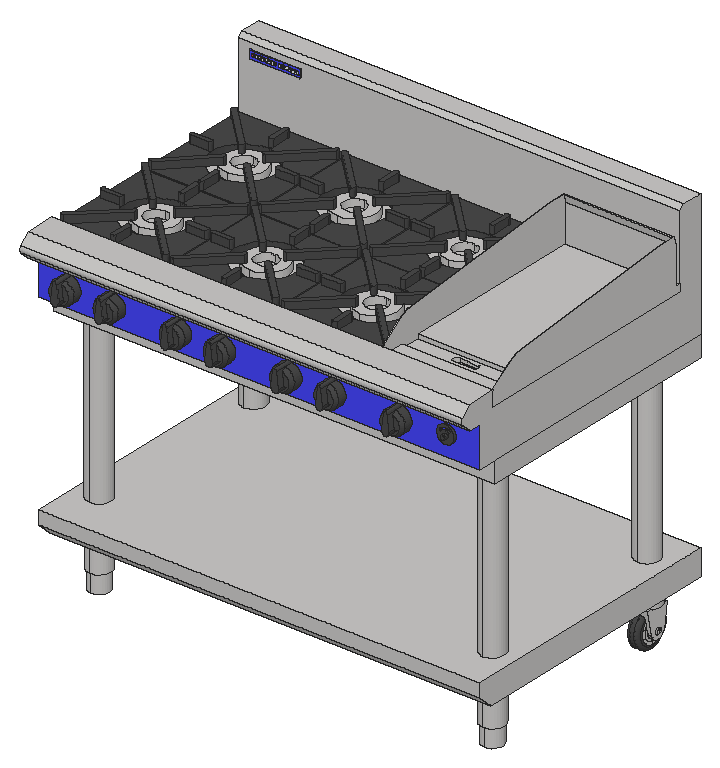
Revit family "QF_MOFFAT_BLUESEAL_CE_G518C-LS", category Specialty Equipment, Revit 2012 (continued)
Definition of nested family "GAS BURNER 900 & GRIDDLE 300"
  Definition of nested family "GAS BURNER 900"
    Automatic sketch dimensions
      Extrusion 7 sketch curve to Extrusion 7 sketch curve = 4.525 mm  (x16)
      Extrusion 7 sketch curve to Extrusion 7 sketch curve = 49.204 mm  (x6)
      Extrusion 7 sketch curve to Extrusion 7 sketch curve = 55.923 mm  (x7)
      Extrusion 7 sketch curve to Extrusion 7 sketch curve = 0 mm  (x7)
      Extrusion 7 sketch curve to Extrusion 7 sketch curve = 20.524 mm  (x7)
      Extrusion 7 sketch curve to Extrusion 7 sketch curve = 6.4 mm  (x8)
      Extrusion 7 sketch curve to Extrusion 7 sketch curve = 53.847 mm  (x8)
      Extrusion 7 sketch curve to Extrusion 1 = 56.602 mm
      Extrusion 7 sketch curve to Extrusion 1 = 13.653 mm  (x2)
      Extrusion 7 sketch curve to Extrusion 1 = 7.398 mm  (x2)
      Extrusion 7 sketch curve to Extrusion 1 = 4.602 mm  (x2)
      Extrusion 7 sketch curve to Extrusion 1 = 31.653 mm  (x2)
      Extrusion 1 to Extrusion 7 sketch curve = 308.102 mm
      Extrusion 7 sketch curve to Extrusion 7 sketch curve = 9.051 mm  (x2)
      Extrusion 7 sketch curve to Extrusion 7 sketch curve = 2.796 mm  (x2)
      Extrusion 7 sketch curve to Extrusion 7 sketch curve = 128.447 mm  (x3)
      Extrusion 8 sketch curve to Extrusion 8 sketch curve = 0 mm  (x24)
      plane 1 "BACK" to Extrusion 8 sketch curve = 109.5 mm
      Extrusion 8 sketch curve to Extrusion 8 sketch curve = 27 mm  (x2)
      Extrusion 8 sketch curve to Extrusion 8 sketch curve = 30 mm  (x2)
      Extrusion 8 sketch curve to plane 8 "Center X" = 92 mm
      plane 4 "RIGHT" to Extrusion 8 sketch curve = 149 mm  (x2)
      plane 1 "BACK" to Extrusion 9 sketch curve = 0 mm
      plane 5 "FRONT" to Extrusion 9 sketch curve = 0 mm
      plane 4 "RIGHT" to Extrusion 9 sketch curve = 0 mm  (x2)
      plane 1 "BACK" to Extrusion 9 sketch curve = 3 mm  (x2)
      plane 8 "Center X" to Extrusion 9 sketch curve = 149 mm
      plane 8 "Center X" to Extrusion 9 sketch curve = 2 mm  (x2)
      Extrusion 9 sketch curve to plane 8 "Center X" = 1 mm
      Extrusion 9 sketch curve to Extrusion 9 sketch curve = 3 mm  (x3)
      Extrusion 9 sketch curve to plane 8 "Center X" = 151 mm
      Extrusion 9 sketch curve to plane 5 "FRONT" = 3 mm  (x2)
      plane 4 "RIGHT" to Extrusion 9 sketch curve = 148.991 mm  (x2)
      plane 7 "Center Y" to Extrusion 9 sketch curve = 155 mm  (x2)
      Extrusion 10 sketch curve to Extrusion 10 sketch curve = 0 mm  (x24)
      plane 1 "BACK" to Extrusion 10 sketch curve = 109.5 mm
      Extrusion 10 sketch curve to Extrusion 10 sketch curve = 27 mm  (x2)
      Extrusion 10 sketch curve to Extrusion 10 sketch curve = 30 mm  (x2)
      Extrusion 10 sketch curve to plane 8 "Center X" = 92 mm
      plane 4 "RIGHT" to Extrusion 10 sketch curve = 149 mm  (x2)
      curve 299 to plane 5 "FRONT" = 22.602 mm
      curve 54 to curve 52 = 49.204 mm
      curve 84 to curve 303 = 3 mm
      curve 302 to curve 303 = 3 mm
      curve 309 to curve 309 = 3 mm
      curve 162 to curve 310 = 18.796 mm
      curve 313 to plane 8 "Center X" = 17.653 mm
      curve 314 to plane 8 "Center X" = 8.602 mm
      plane 8 "Center X" to curve 316 = 3.602 mm
      curve 28 to curve 317 = 13.205 mm
      curve 319 to curve 308 = 0 mm
      curve 60 to curve 320 = 3 mm
      curve 62 to curve 321 = 0 mm
      plane 1 "BACK" to curve 322 = 0 mm
      curve 23 to curve 323 = 18.796 mm
      plane 1 "BACK" to curve 327 = 22.602 mm
      radius of Extrusion 1 sketch curve = 84.082 mm  (x2)
      radius of Extrusion 4 sketch curve = 84.082 mm  (x2)
      radius of Extrusion 9 sketch curve = 84.082 mm  (x2)
  Definition of nested family "GAS GRIDDLE PLATE 600"
    Parameters (values of type "GAS GRIDDLE PLATE 600")
      Width [instance] = 300 mm
      Weight in Pounds = 0
      URL Cutsheet = ""
      Type Mark [instance] = ""
      Status [instance] = ""
      Specification by User [instance] = ""
      Specification by Manufacturer = ""
      Serial Number = ""
      Seismic Rating = ""
      SMACNA No = ""
      Revision Code [instance] = ""
      Omniclass Number and Title = ""
      NAFEM Spec ID Number = ""
      Masterspec = ""
      Item Number [instance] = ""
      Installed By [instance] = ""
      Identify Quantity as Lot [instance] = yes
      Furnished By [instance] = ""
      Foodservice Equipment Identifier [instance] = yes
      Depth [instance] = 620 mm
      CSI MasterFormat = ""
      CSI Master Format = ""
    Reference planes
      plane 1 "BACK": y = 0
      plane 2: z = 0
      plane 3 "LEFT": x = 0
      plane 4 "RIGHT": x = 300
      plane 5 "FRONT": y = -620
      plane 6 "TOP": z = 142.5
      plane 7 "Center Y": x = 150
      plane 8 "Center X": y = -310
      plane 9: y = -530.997
      plane 10: y = -541.497
      plane 11: y = -503.25
      plane 12: y = -557.737
    Forms (mm)
      Extrusion 1, solid, material "QF_Finishes_Stainless Steel"
        sketch origin (0, 70.003, -874.5) x (0, 1, 0) y (0, 0, 1)
          loop
            line (-70, 875) -> (-70, 997.489) -> (-75.228, 1017) -> (-117.24, 1017) -> (-589.533, 971.523)
            arc (-589.533, 971.523) -> (-614.56, 965.803) -> (-637.306, 953.899) r 100
            line (-637.306, 953.899) -> (-690.003, 917) -> (-690.003, 875) -> (-70, 875)
        from 0 to 1.8
      Extrusion 2, solid, material "QF_Finishes_Stainless Steel"
        sketch origin (600, 70.003, -874.5) x (0, -1, 0) y (0, 0, 1)
          loop
            line (70, 875) -> (690.003, 875) -> (690.003, 917) -> (637.306, 953.899)
            arc (637.306, 953.899) -> (614.56, 965.803) -> (589.533, 971.523) r 100
            line (589.533, 971.523) -> (117.24, 1017) -> (75.228, 1017) -> (70, 997.489) -> (70, 875)
        from 300 to 301.2
      Extrusion 3, solid, material "QF_Finishes_Stainless Steel"
        sketch origin (150, 70.003, -874.5) x (0, 1, 0) y (0, 0, 1)
          loop
            line (-55, 895) -> (-573.253, 895) -> (-573.253, 884.5) -> (-627.74, 884.5) -> (-627.74, 895) -> (-690.003, 895) -> (-690.003, 875) -> (-55, 875) -> (-55, 895)
        from -148.2 to 150
      Extrusion 4, void
        sketch origin (150, -541.497, 10) x (0, -1, 0) y (1, 0, 0)
          loop
            arc (-7.497, 25.113) -> (-17.497, 35.113) -> (-27.497, 25.113) r 10
            line (-27.497, 25.113) -> (-27.497, -24.887)
            arc (-27.497, -24.887) -> (-17.497, -34.887) -> (-7.497, -24.887) r 10
            line (-7.497, -24.887) -> (-7.497, 25.113)
        from -41.4 to 40.142
      Extrusion 5, solid, material "QF_Finishes_Stainless Steel"
        sketch origin (0, 70.003, -874.5) x (0, 1, 0) y (0, 0, 1)
          loop
            line (-70, 875) -> (-70, 997.489) -> (-75.228, 1017) -> (-76.884, 1017) -> (-71.6, 997.278) -> (-71.6, 875) -> (-70, 875)
        from 0 to 298.8
    Cuts and joins
      Extrusion 4 cuts Extrusion 3
      joined: Extrusion 1, Extrusion 2, Extrusion 3, Extrusion 5
    Lines and regions (mm)
      symbolic lines
        curve 1: line (300, -503.25, 0) -> (0, -503.25, 0)
        curve 2: line (0, -557.737, 0) -> (300, -557.737, 0)
        curve 3: line (0, -1.68, 0) -> (300, -1.68, 0)
        curve 4: line (300, -1.68, 0) -> (300, -620, 0)
        curve 5: line (0, -620, 0) -> (0, -1.68, 0)
        curve 6: line (0, -620, 0) -> (300, -620, 0)
        curve 7: arc (175.113, -534, 0) -> (185.113, -524, 0) -> (175.113, -514, 0) r 10
        curve 8: line (175.113, -514, 0) -> (125.113, -514, 0)
        curve 9: arc (125.113, -514, 0) -> (115.113, -524, 0) -> (125.113, -534, 0) r 10
        curve 10: line (125.113, -534, 0) -> (175.113, -534, 0)
    Dimensions and locks
      equal spacing: plane 3 "LEFT", plane 7 "Center Y", plane 4 "RIGHT"
      "Width": plane 3 "LEFT" to plane 4 "RIGHT"
      equal spacing: plane 5 "FRONT", plane 8 "Center X", plane 1 "BACK"
      "Depth": plane 5 "FRONT" to plane 1 "BACK"
      locked: Extrusion 2 to Extrusion 2 at 1.2
      aligned and locked: level to plane 2
      aligned and locked: Extrusion 2 to plane 4 "RIGHT"
      aligned and locked: curve 1 to plane 11
      aligned and locked: plane 12 to curve 2
      aligned and locked: Extrusion 5 to cut or joined group of Extrusion 1, Extrusion 2, Extrusion 3, Extrusion 4, Extrusion 5
      aligned and locked: cut or joined group of Extrusion 1, Extrusion 2, Extrusion 3, Extrusion 4, Extrusion 5 to plane 4 "RIGHT"
    Automatic sketch dimensions
      Extrusion 1 sketch curve to plane 5 "FRONT" = 0 mm
      Extrusion 1 sketch curve to plane 6 "TOP" = 0 mm
      plane 12 to Extrusion 1 sketch curve = 9.566 mm
      plane 11 to Extrusion 1 sketch curve = 16.28 mm
      Extrusion 1 sketch curve to level = 2.516 mm
      plane 11 to Extrusion 1 sketch curve = 6.695 mm
      plane 1 "BACK" to Extrusion 1 sketch curve = 47.237 mm
      plane 1 "BACK" to Extrusion 1 sketch curve = 5.225 mm
      Extrusion 1 sketch curve to plane 1 "BACK" = 0.003 mm
      level to Extrusion 1 sketch curve = 0.5 mm
      Extrusion 1 sketch curve to Extrusion 1 sketch curve = 42 mm
      Extrusion 1 sketch curve to plane 6 "TOP" = 63.101 mm
      Extrusion 1 sketch curve to plane 6 "TOP" = 19.511 mm
      Extrusion 2 sketch curve to plane 6 "TOP" = 0 mm
      Extrusion 2 sketch curve to plane 5 "FRONT" = 0 mm
      plane 12 to Extrusion 2 sketch curve = 9.566 mm
      plane 11 to Extrusion 2 sketch curve = 16.28 mm
      Extrusion 2 sketch curve to level = 2.516 mm
      plane 11 to Extrusion 2 sketch curve = 6.695 mm
      plane 1 "BACK" to Extrusion 2 sketch curve = 47.237 mm
      plane 1 "BACK" to Extrusion 2 sketch curve = 5.225 mm
      Extrusion 2 sketch curve to plane 1 "BACK" = 0.003 mm
      level to Extrusion 2 sketch curve = 0.5 mm
      Extrusion 2 sketch curve to Extrusion 2 sketch curve = 42 mm
      Extrusion 2 sketch curve to plane 6 "TOP" = 63.101 mm
      Extrusion 2 sketch curve to plane 6 "TOP" = 19.511 mm
      Extrusion 3 sketch curve to plane 5 "FRONT" = 0 mm
      Extrusion 3 sketch curve to plane 12 = 0 mm
      Extrusion 3 sketch curve to plane 11 = 0 mm
      Extrusion 3 sketch curve to plane 1 "BACK" = 15.003 mm
      level to Extrusion 3 sketch curve = 0.5 mm
      level to Extrusion 3 sketch curve = 10 mm
      Extrusion 3 sketch curve to Extrusion 3 sketch curve = 10.5 mm  (x2)
      plane 1 "BACK" to Extrusion 5 sketch curve = 5.225 mm
      Extrusion 5 sketch curve to plane 1 "BACK" = 0.003 mm
      Extrusion 5 sketch curve to plane 6 "TOP" = 19.511 mm
      Extrusion 5 sketch curve to Extrusion 5 sketch curve = 1.6 mm
      Extrusion 5 sketch curve to Extrusion 5 sketch curve = 0.211 mm
      Extrusion 5 sketch curve to plane 6 "TOP" = 0 mm
      Extrusion 5 sketch curve to Extrusion 5 sketch curve = 1.656 mm
      level to Extrusion 5 sketch curve = 0.5 mm
      plane 11 to Extrusion 4 sketch curve = 10.75 mm
      Extrusion 4 sketch curve to Extrusion 4 sketch curve = 10 mm
      plane 3 "LEFT" to Extrusion 4 sketch curve = 125.113 mm
      Extrusion 4 sketch curve to Extrusion 4 sketch curve = 50 mm
      curve 6 to plane 3 "LEFT" = 0 mm
      curve 3 to plane 4 "RIGHT" = 0 mm
      plane 5 "FRONT" to curve 6 = 0 mm
      plane 11 to curve 8 = 10.75 mm
      plane 3 "LEFT" to curve 8 = 125.113 mm
      curve 10 to plane 12 = 23.737 mm
      curve 9 to curve 10 = 50 mm
      plane 1 "BACK" to curve 3 = 1.68 mm
